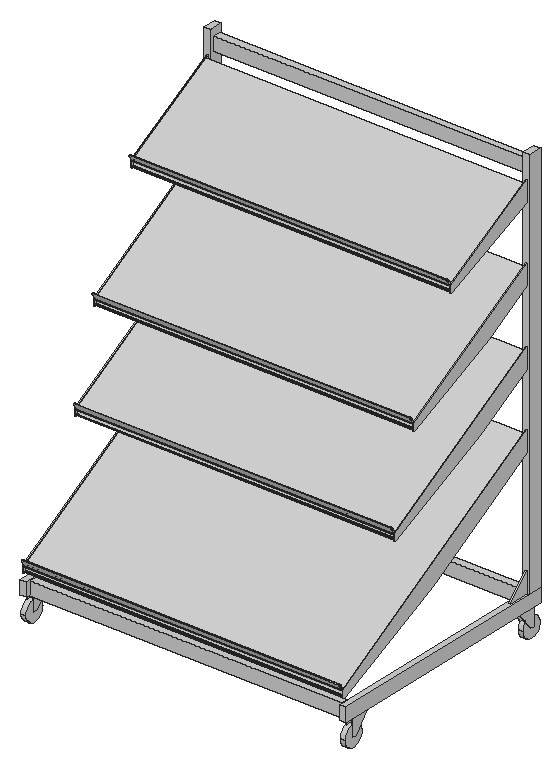
Revit family "PD", category Specialty Equipment, Revit 2012
Parameters (values of type "Mobile Produce Display (Default)")
  URL = "http://madixinc.com/display/produce/"
  Model = "Mobile Produce Display"
  Manufacturer = "© 2012 Madix, Inc. All rights reserved."
Reference planes (in)
  plane 1 "Center (Front/Back)": y = 0
  plane 2: z = 0
  plane 3 "Center (Left/Right)": x = 0
  plane 4: x = -24
  plane 5: x = 24
  plane 6: y = 15
  plane 7: y = -15
  plane 8: z = 64
  plane 9: z = 4
  plane 10: z = 6
  plane 11: z = 61
  plane 12: z = 63
  plane 13: x = -23.4375
  plane 14: x = -23.5625
  plane 15: x = -23.125
  plane 16: x = -23
  plane 17: x = -23.875
Forms (in)
  Extrusion 1, solid, material "Metal - Steel"
    sketch origin (0, 0, 0) x (1, 0, 0) y (0, 1, 0)
      loop
        line (-24, 15) -> (-24, -20.77499) -> (-23, -20.77499) -> (-23, 15) -> (-24, 15)
      loop
        line (24, 15) -> (23, 15) -> (23, -20.77499) -> (24, -20.77499) -> (24, 15)
    from 4 to 6
  Extrusion 2, solid, material "Metal - Steel"
    sketch origin (0, -6.27499, 0) x (1, 0, 0) y (0, 1, 0)
      loop
        line (-23, -14) -> (23, -14) -> (23, -13) -> (-23, -13) -> (-23, -14)
      loop
        line (-23, 20.77499) -> (-23, 19.77499) -> (23, 19.77499) -> (23, 20.77499) -> (-23, 20.77499)
    from 4 to 6
  Extrusion 3, solid, material "Metal - Steel"
    sketch origin (0, -0.5, 0) x (1, 0, 0) y (0, 1, 0)
      loop
        line (-23, 15) -> (-23, 14) -> (23, 14) -> (23, 15) -> (-23, 15)
    from 61 to 63
  Extrusion 4, solid, material "Metal - Steel"
    sketch origin (0, 0, 0) x (1, 0, 0) y (0, 1, 0)
      loop
        line (-24, 15) -> (-24, 13) -> (-23, 13) -> (-23, 15) -> (-24, 15)
      loop
        line (24, 15) -> (23, 15) -> (23, 13) -> (24, 13) -> (24, 15)
    from 6 to 64
  Extrusion 5, solid, material "Metal - Steel"
    sketch origin (0, 0, 0) x (0, 1, 0) y (0, 0, 1)
      loop
        line (13, 6) -> (13, 9) -> (10, 6) -> (13, 6)
    from -23.625 to -23.375
  Extrusion 6, solid, material "Metal - Steel"
    sketch origin (0, 0, 0) x (0, 1, 0) y (0, 0, -1)
      loop
        line (13, -6) -> (10, -6) -> (13, -9) -> (13, -6)
    from -23.625 to -23.375
  Extrusion 7, solid, material "Metal - Steel"
    sketch origin (0, 0, 0) x (0, 1, 0) y (0, 0, 1)
      loop
        line (13, 24.53469) -> (13, 27.53469) -> (-20.77499, 8.03469) -> (-20.77499, 7.15969)
        arc (-20.77499, 7.15969) -> (-20.70126, 7.02511) -> (-20.54816, 7.0148) r 0.15969
        line (-20.54816, 7.0148) -> (-4.32051, 14.53469) -> (13, 24.53469)
    from -23.5625 to -23.4375
  Extrusion 8, solid, material "Metal - Steel"
    sketch origin (0, 0, 0) x (0, 1, 0) y (0, 0, -1)
      loop
        line (13, -24.53469) -> (-4.32051, -14.53469) -> (-20.54816, -7.0148)
        arc (-20.54816, -7.0148) -> (-20.70126, -7.02511) -> (-20.77499, -7.15969) r 0.15969
        line (-20.77499, -7.15969) -> (-20.77499, -8.03469) -> (13, -27.53469) -> (13, -24.53469)
    from -23.5625 to -23.4375
  Extrusion 9, solid, material "Metal - Steel"
    sketch origin (0, 0, 0) x (0, 1, 0) y (0, 0, 1)
      loop
        line (-20.77499, 7.15969) -> (13, 26.65969) -> (12.62111, 27.31594) -> (-20.77499, 8.03469) -> (-20.77499, 7.90969) -> (-20.66674, 7.97219) -> (-20.66674, 8.03469)
        arc (-20.66674, 8.03469) -> (-20.49746, 7.65969) -> (-20.66674, 7.28469) r 0.5
        line (-20.66674, 7.28469) -> (-20.66674, 7.34719) -> (-20.77499, 7.28469) -> (-20.77499, 7.15969)
    from -23.4375 to 23.4375
  Sweep 10, solid, material "Metal - Steel"
    path origin (0, 9.47215, 16.59375) x (0, 1, 0) y (0, 0, 1)
      loop
        line (-20.77499, 8.03469) -> (-20.66674, 8.09719)
    profile origin (0, -11.24871, 24.65969) x (0, -0.5, 0.866025) y (1, 0, 0)
      loop
        line (-0.10825, -23.4375) -> (0.64175, -23.4375)
        arc (0.64175, -23.4375) -> (0.81852, -23.36428) -> (0.89175, -23.1875) r 0.25
        line (0.89175, -23.1875) -> (0.89175, 23.1875)
        arc (0.89175, 23.1875) -> (0.81852, 23.36428) -> (0.64175, 23.4375) r 0.25
        line (0.64175, 23.4375) -> (-0.10825, 23.4375) -> (-0.10825, -23.4375)
  Extrusion 11, solid, material "Metal - Steel"
    sketch origin (0, 0, 0) x (0, 1, 0) y (0, 0, 1)
      loop
        line (13, 35.53469) -> (13, 38.53469) -> (-11.24871, 24.53469) -> (-11.24871, 23.65969)
        arc (-11.24871, 23.65969) -> (-11.17491, 23.52456) -> (-11.02134, 23.51361) r 0.16061
        line (-11.02134, 23.51361) -> (4.33975, 30.53469) -> (13, 35.53469)
    from -23.5625 to -23.4375
  Extrusion 12, solid, material "Metal - Steel"
    sketch origin (0, 0, 0) x (0, 1, 0) y (0, 0, -1)
      loop
        line (13, -35.53469) -> (4.33975, -30.53469) -> (-11.02134, -23.51361)
        arc (-11.02134, -23.51361) -> (-11.17491, -23.52456) -> (-11.24871, -23.65969) r 0.16061
        line (-11.24871, -23.65969) -> (-11.24871, -24.53469) -> (13, -38.53469) -> (13, -35.53469)
    from -23.5625 to -23.4375
  Extrusion 13, solid, material "Metal - Steel"
    sketch origin (0, 0, 0) x (0, 1, 0) y (0, 0, 1)
      loop
        arc (-11.14046, 24.53469) -> (-10.97118, 24.15969) -> (-11.14046, 23.78469) r 0.5
        line (-11.14046, 23.78469) -> (-11.14046, 23.84719) -> (-11.24871, 23.78469) -> (-11.24871, 23.65969) -> (13, 37.65969) -> (12.62111, 38.31594) -> (-11.24871, 24.53469) -> (-11.24871, 24.40969) -> (-11.14046, 24.47219) -> (-11.14046, 24.53469)
    from -23.4375 to 23.4375
  Extrusion 14, solid, material "Metal - Steel"
    sketch origin (0, 0, 0) x (0, 1, 0) y (0, 0, 1)
      loop
        line (13, 46.53469) -> (13, 49.53469) -> (-7.78461, 37.53469) -> (-7.78461, 36.65969)
        arc (-7.78461, 36.65969) -> (-7.71065, 36.52325) -> (-7.55595, 36.51076) r 0.16283
        line (-7.55595, 36.51076) -> (6.0718, 42.53469) -> (13, 46.53469)
    from -23.5625 to -23.4375
  Extrusion 15, solid, material "Metal - Steel"
    sketch origin (0, 0, 0) x (0, 1, 0) y (0, 0, -1)
      loop
        line (13, -46.53469) -> (6.0718, -42.53469) -> (-7.55595, -36.51076)
        arc (-7.55595, -36.51076) -> (-7.71065, -36.52325) -> (-7.78461, -36.65969) r 0.16283
        line (-7.78461, -36.65969) -> (-7.78461, -37.53469) -> (13, -49.53469) -> (13, -46.53469)
    from -23.5625 to -23.4375
  Sweep 16, solid, material "Metal - Steel"
    path origin (0, 12.93625, 29.59375) x (0, 1, 0) y (0, 0, 1)
      loop
        line (-20.77499, 8.03469) -> (-20.66674, 8.09719)
    profile origin (0, -7.78461, 37.65969) x (0, -0.5, 0.866025) y (1, 0, 0)
      loop
        line (-0.10825, -23.4375) -> (0.64175, -23.4375)
        arc (0.64175, -23.4375) -> (0.81852, -23.36428) -> (0.89175, -23.1875) r 0.25
        line (0.89175, -23.1875) -> (0.89175, 23.1875)
        arc (0.89175, 23.1875) -> (0.81852, 23.36428) -> (0.64175, 23.4375) r 0.25
        line (0.64175, 23.4375) -> (-0.10825, 23.4375) -> (-0.10825, -23.4375)
  Extrusion 17, solid, material "Metal - Steel"
    sketch origin (0, 0, 0) x (0, 1, 0) y (0, 0, 1)
      loop
        line (-7.78461, 37.53469) -> (-7.78461, 37.40969) -> (-7.67636, 37.47219) -> (-7.67636, 37.53469)
        arc (-7.67636, 37.53469) -> (-7.50708, 37.15969) -> (-7.67636, 36.78469) r 0.5
        line (-7.67636, 36.78469) -> (-7.67636, 36.84719) -> (-7.78461, 36.78469) -> (-7.78461, 36.65969) -> (13, 48.65969) -> (12.62111, 49.31594) -> (-7.78461, 37.53469)
    from -23.4375 to 23.4375
  Extrusion 18, solid, material "Metal - Steel"
    sketch origin (0, 0, 0) x (0, 1, 0) y (0, 0, 1)
      loop
        line (13, 57.53469) -> (13, 60.53469) -> (-0.99392, 52.77773) -> (-0.99392, 51.90273)
        arc (-0.99392, 51.90273) -> (-0.91973, 51.76438) -> (-0.76345, 51.74961) r 0.16611
        line (-0.76345, 51.74961) -> (13, 57.53469)
    from -23.5625 to -23.4375
  Extrusion 19, solid, material "Metal - Steel"
    sketch origin (0, 0, 0) x (0, 1, 0) y (0, 0, -1)
      loop
        line (13, -57.53469) -> (-0.76345, -51.74961)
        arc (-0.76345, -51.74961) -> (-0.91973, -51.76438) -> (-0.99392, -51.90273) r 0.16611
        line (-0.99392, -51.90273) -> (-0.99392, -52.77773) -> (13, -60.53469) -> (13, -57.53469)
    from -23.5625 to -23.4375
  Sweep 20, solid, material "Metal - Steel"
    path origin (0, 19.72695, 44.8368) x (0, 1, 0) y (0, 0, 1)
      loop
        line (-20.77499, 8.03469) -> (-20.66674, 8.09719)
    profile origin (0, -0.99392, 52.90273) x (0, -0.5, 0.866025) y (1, 0, 0)
      loop
        line (-0.10825, -23.4375) -> (0.64175, -23.4375)
        arc (0.64175, -23.4375) -> (0.81852, -23.36428) -> (0.89175, -23.1875) r 0.25
        line (0.89175, -23.1875) -> (0.89175, 23.1875)
        arc (0.89175, 23.1875) -> (0.81852, 23.36428) -> (0.64175, 23.4375) r 0.25
        line (0.64175, 23.4375) -> (-0.10825, 23.4375) -> (-0.10825, -23.4375)
  Extrusion 21, solid, material "Metal - Steel"
    sketch origin (0, 0, 0) x (0, 1, 0) y (0, 0, 1)
      loop
        line (-0.99392, 52.77773) -> (-0.99392, 52.65273) -> (-0.88566, 52.71523) -> (-0.88566, 52.77773)
        arc (-0.88566, 52.77773) -> (-0.71638, 52.40273) -> (-0.88566, 52.02773) r 0.5
        line (-0.88566, 52.02773) -> (-0.88566, 52.09023) -> (-0.99392, 52.02773) -> (-0.99392, 51.90273) -> (13, 59.65969) -> (12.62898, 60.32903) -> (-0.99392, 52.77773)
    from -23.4375 to 23.4375
  Extrusion 22, solid, material "Metal - Steel"
    sketch origin (0, 0, 0) x (0, 1, 0) y (0, 0, 1)
      loop
        circle (13.5, 1.5) r 1.5
      loop
        circle (-19.25, 1.5) r 1.5
    from -23.875 to -23.125
  Extrusion 23, solid, material "Metal - Steel"
    sketch origin (0, 0, 0) x (0, 1, 0) y (0, 0, -1)
      loop
        circle (13.5, -1.5) r 1.5
      loop
        circle (-19.25, -1.5) r 1.5
    from -23.875 to -23.125
  Extrusion 24, solid, material "Metal - Steel"
    sketch origin (0, 0, 0) x (0, 1, 0) y (0, 0, 1)
      loop
        line (13.75, 1.5) -> (13.75, 4) -> (11.25, 4) -> (13.25, 1.5) -> (13.75, 1.5)
      loop
        line (-19.5, 1.5) -> (-19, 1.5) -> (-17, 4) -> (-19.5, 4) -> (-19.5, 1.5)
    from -24 to -23.875
  Extrusion 25, solid, material "Metal - Steel"
    sketch origin (-47.125, 0, 0) x (0, 1, 0) y (0, 0, -1)
      loop
        line (13.75, -1.5) -> (13.25, -1.5) -> (11.25, -4) -> (13.75, -4) -> (13.75, -1.5)
      loop
        line (-19.5, -1.5) -> (-19.5, -4) -> (-17, -4) -> (-19, -1.5) -> (-19.5, -1.5)
    from -24.125 to -24
  Extrusion 26, solid, material "Metal - Steel"
    sketch origin (47.125, 0, 0) x (0, 1, 0) y (0, 0, 1)
      loop
        line (13.75, 1.5) -> (13.75, 4) -> (11.25, 4) -> (13.25, 1.5) -> (13.75, 1.5)
      loop
        line (-19.5, 1.5) -> (-19, 1.5) -> (-17, 4) -> (-19.5, 4) -> (-19.5, 1.5)
    from -24.125 to -24
  Extrusion 27, solid, material "Metal - Steel"
    sketch origin (0, 0, 0) x (0, 1, 0) y (0, 0, -1)
      loop
        line (13.75, -1.5) -> (13.25, -1.5) -> (11.25, -4) -> (13.75, -4) -> (13.75, -1.5)
      loop
        line (-19.5, -1.5) -> (-19.5, -4) -> (-17, -4) -> (-19, -1.5) -> (-19.5, -1.5)
    from -24 to -23.875
  Sweep 28, solid, material "Metal - Steel"
    path origin (0, -0.05413, 0.09375) x (0, 1, 0) y (0, 0, 1)
      loop
        line (-20.77499, 8.03469) -> (-20.66674, 8.09719)
    profile origin (0, -20.77499, 8.15969) x (0, -0.5, 0.866025) y (1, 0, 0)
      loop
        line (-0.10825, -23.4375) -> (0.64175, -23.4375)
        arc (0.64175, -23.4375) -> (0.81852, -23.36428) -> (0.89175, -23.1875) r 0.25
        line (0.89175, -23.1875) -> (0.89175, 23.1875)
        arc (0.89175, 23.1875) -> (0.81852, 23.36428) -> (0.64175, 23.4375) r 0.25
        line (0.64175, 23.4375) -> (-0.10825, 23.4375) -> (-0.10825, -23.4375)
Dimensions and locks (in)
  aligned and locked: level to plane 2
